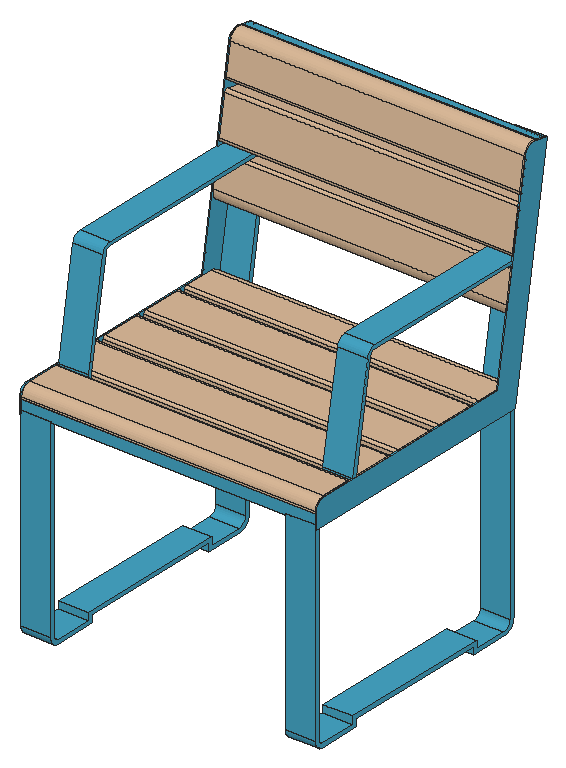
Revit family "product code 61206-S-L", category Meble, Revit 2021
Family settings
  Numer OmniClass = 23.40.20.00
  Tytuł OmniClass = General Furniture and Specialties
  Oparty na płaszczyźnie roboczej = Nie
  Zawsze pionowo = Tak
  Tnij formami wycięć po wczytaniu = Nie
  Współdzielony = Nie
  Punkt obliczania pomieszczeń = Nie
Parameters (values of type "61206-S-L")
  wood = Kobenhagen Wood - Larch
  metal = Kobenhagen RAL 5012
  Width = "58 cm"
  Weight = "35 kg"
  URL = "https://kobenhagen.com/en_US/p/Frederiksberg-Chair-wArmrest/139"
  Size = "I"
  Seat height = "45 cm"
  Product line = "Frederiksberg"
  Product Groups = "Chairs"
  Producent = "Lars Laj"
  Keynote = ""
  Opis = "Frederiksberg Chair w/Armrest"
  Model = "61206-S-L"
  Material = "Larch, stainless steel, powder coated steel"
  Maintenance = "We recommend to examine and tighten all screws and bolt clamps after a few weeks’ use. In order to prevent cracks and to extend the life of the wood, it is recommended that the wood details should be oiled every 3-5 years."
  Lenght = "60 cm"
  Type Comments = ""
  Kobenhagen Materials = "larslaj.com/bim"
  Hosted on larslaj.com = "https://larslaj.com/bim"
  Height = "86 cm"
  Domyślna rzędna = 0 mm
  Copyright = "All designs and drawings are the intellectual property of Lars Laj A/S and are protected by Danish and international copyright laws."
Reference planes
  plane 1 "front": y = 0
  plane 2: z = 0
  plane 3 "Środek (Lewa/Prawa)": x = 0
  plane 4 "left": x = -295.625
  plane 5 "right": x = 295.625
  plane 6 "back": y = 575.242
  plane 7: x = -235.625
Forms (mm)
  Extrusion 1, solid, material "Kobenhagen Wood - Larch" <- "wood"
    sketch origin (0, -0.031, 21.46) x (0, 1, 0) y (0, 0, 1)
      loop
        arc (260.118, 430.04) -> (256.583, 428.576) -> (255.118, 425.04) r 5
        line (255.118, 425.04) -> (255.118, 388.972)
        arc (255.118, 388.972) -> (255.693, 387.586) -> (257.078, 387.012) r 1.96
        line (257.078, 387.012) -> (342.493, 387.012)
        arc (342.493, 387.012) -> (343.908, 387.598) -> (344.493, 389.012) r 2
        line (344.493, 389.012) -> (344.493, 425.04)
        arc (344.493, 425.04) -> (343.029, 428.576) -> (339.493, 430.04) r 5
        line (339.493, 430.04) -> (260.118, 430.04)
    from -295.625 to 295.625
  Extrusion 2, solid, material "Kobenhagen Wood - Larch" <- "wood"
    sketch origin (0, -102.48, 21.46) x (0, 1, 0) y (0, 0, 1)
      loop
        arc (260.118, 430.04) -> (256.583, 428.576) -> (255.118, 425.04) r 5
        line (255.118, 425.04) -> (255.118, 388.972)
        arc (255.118, 388.972) -> (255.693, 387.586) -> (257.078, 387.012) r 1.96
        line (257.078, 387.012) -> (342.493, 387.012)
        arc (342.493, 387.012) -> (343.908, 387.598) -> (344.493, 389.012) r 2
        line (344.493, 389.012) -> (344.493, 425.04)
        arc (344.493, 425.04) -> (343.029, 428.576) -> (339.493, 430.04) r 5
        line (339.493, 430.04) -> (260.118, 430.04)
    from -295.625 to 295.625
  Extrusion 3, solid, material "Kobenhagen Wood - Larch" <- "wood"
    sketch origin (0, 102.52, 23.25) x (0, 1, 0) y (0, 0, 1)
      loop
        arc (260.118, 428.25) -> (256.583, 426.786) -> (255.118, 423.25) r 5
        line (255.118, 423.25) -> (255.118, 387.182)
        arc (255.118, 387.182) -> (255.693, 385.796) -> (257.078, 385.222) r 1.96
        line (257.078, 385.222) -> (342.493, 385.222)
        arc (342.493, 385.222) -> (343.908, 385.808) -> (344.493, 387.222) r 2
        line (344.493, 387.222) -> (344.493, 423.25)
        arc (344.493, 423.25) -> (343.029, 426.786) -> (339.493, 428.25) r 5
        line (339.493, 428.25) -> (260.118, 428.25)
    from -295.625 to 295.625
  Extrusion 4, solid, material "Kobenhagen Wood - Larch" <- "wood"
    sketch origin (0, 925.653, 348.398) x (0, 0.173648, 0.984808) y (0, -0.984808, 0.173648)
      loop
        arc (260.118, 429.703) -> (256.583, 428.239) -> (255.118, 424.703) r 5
        line (255.118, 424.703) -> (255.118, 388.972)
        arc (255.118, 388.972) -> (255.693, 387.586) -> (257.078, 387.012) r 1.96
        line (257.078, 387.012) -> (342.493, 387.012)
        arc (342.493, 387.012) -> (343.908, 387.598) -> (344.493, 389.012) r 2
        line (344.493, 389.012) -> (344.493, 424.703)
        arc (344.493, 424.703) -> (343.029, 428.239) -> (339.493, 429.703) r 5
        line (339.493, 429.703) -> (260.118, 429.703)
    from -295.625 to 295.625
  Extrusion 5, solid, material "Kobenhagen RAL 5012" <- "metal", not visible
    sketch origin (0, 0, 0) x (0, 1, 0) y (0, 0, 1)
      loop
        arc (71.187, 451.5) -> (57.045, 445.642) -> (51.187, 431.5) r 20
        line (51.187, 431.5) -> (51.187, 18.231)
        arc (51.187, 18.231) -> (56.527, 5.34) -> (69.418, 0) r 18.231
        line (69.418, 0) -> (153.638, 0) -> (153.638, 15) -> (448.638, 15) -> (448.638, 0) -> (527.023, 0)
        arc (527.023, 0) -> (542.307, 6.331) -> (548.638, 21.615) r 21.615
        line (548.638, 21.615) -> (548.638, 429.407)
        arc (548.638, 429.407) -> (542.168, 445.029) -> (526.545, 451.5) r 22.093
        line (526.545, 451.5) -> (71.187, 451.5)
    from 750.378 to 745
  Extrusion 6, solid, material "Kobenhagen RAL 5012" <- "metal", not visible
    sketch origin (0, 0, 0) x (0, 1, 0) y (0, 0, 1)
      loop
        line (548.638, 396.844) -> (629.375, 854.725) -> (601.836, 859.581)
        arc (601.836, 859.581) -> (585.224, 855.898) -> (576.082, 841.547) r 22.232
        line (576.082, 841.547) -> (507.306, 451.5) -> (526.545, 451.5)
        arc (526.545, 451.5) -> (542.168, 445.029) -> (548.638, 429.407) r 22.093
        line (548.638, 429.407) -> (548.638, 396.844)
    from 745 to 750.378
  Extrusion 7, solid, material "Kobenhagen RAL 5012" <- "metal"
    sketch origin (449.375, 0, 0) x (0, -1, 0) y (0, 0, 1)
      loop
        line (-549.241, 400.262) -> (-51.187, 400.262) -> (-51.187, 431.5)
        arc (-51.187, 431.5) -> (-57.045, 445.642) -> (-71.187, 451.5) r 20
        line (-71.187, 451.5) -> (-507.306, 451.5) -> (-576.082, 841.547)
        arc (-576.082, 841.547) -> (-585.224, 855.898) -> (-601.836, 859.581) r 22.232
        line (-601.836, 859.581) -> (-629.375, 854.725) -> (-549.241, 400.262)
    from 745 to 747.505
  Extrusion 8, solid, material "Kobenhagen RAL 5012" <- "metal"
    sketch origin (0, 0, 0) x (0, 1, 0) y (0, 0, 1)
      loop
        line (548.638, 396.844) -> (629.375, 854.725) -> (621.989, 856.027) -> (543.073, 408.472) -> (51.187, 408.472) -> (51.187, 18.763)
        arc (51.187, 18.763) -> (56.683, 5.495) -> (69.95, 0) r 18.763
        line (69.95, 0) -> (153.638, 0) -> (153.638, 15) -> (448.638, 15) -> (448.638, 0) -> (525.342, 0)
        arc (525.342, 0) -> (541.815, 6.823) -> (548.638, 23.296) r 23.296
        line (548.638, 23.296) -> (548.638, 396.844)
      loop
        line (58.687, 400.262) -> (58.687, 18.763)
        arc (58.687, 18.763) -> (61.986, 10.799) -> (69.95, 7.5) r 11.263
        line (69.95, 7.5) -> (146.138, 7.5) -> (146.138, 22.5) -> (456.138, 22.5) -> (456.138, 7.5) -> (525.342, 7.5)
        arc (525.342, 7.5) -> (536.512, 12.127) -> (541.138, 23.296) r 15.796
        line (541.138, 23.296) -> (541.138, 400.262) -> (58.687, 400.262)
    from -295.625 to -235.625
  Extrusion 9, solid, material "Kobenhagen RAL 5012" <- "metal"
    sketch origin (0, 0, 0) x (0, 1, 0) y (0, 0, -1)
      loop
        line (548.638, -396.844) -> (548.638, -23.296)
        arc (548.638, -23.296) -> (541.815, -6.823) -> (525.342, 0) r 23.296
        line (525.342, 0) -> (448.638, 0) -> (448.638, -15) -> (153.638, -15) -> (153.638, 0) -> (69.95, 0)
        arc (69.95, 0) -> (56.683, -5.495) -> (51.187, -18.763) r 18.763
        line (51.187, -18.763) -> (51.187, -408.472) -> (543.073, -408.472) -> (621.989, -856.027) -> (629.375, -854.725) -> (548.638, -396.844)
      loop
        line (58.687, -400.262) -> (541.138, -400.262) -> (541.138, -23.296)
        arc (541.138, -23.296) -> (536.512, -12.127) -> (525.342, -7.5) r 15.796
        line (525.342, -7.5) -> (456.138, -7.5) -> (456.138, -22.5) -> (146.138, -22.5) -> (146.138, -7.5) -> (69.95, -7.5)
        arc (69.95, -7.5) -> (61.986, -10.799) -> (58.687, -18.763) r 11.263
        line (58.687, -18.763) -> (58.687, -400.262)
    from -295.625 to -235.625
  Extrusion 10, solid, material "Kobenhagen RAL 5012" <- "metal"
    sketch origin (0, 0, 0) x (0, 1, 0) y (0, 0, 1)
      loop
        arc (201.286, 666.675) -> (188.672, 662.542) -> (181.888, 651.132) r 18.898
        line (181.888, 651.132) -> (145.796, 450) -> (145.796, 407) -> (151.796, 407) -> (151.888, 450) -> (187.77, 649.936)
        arc (187.77, 649.936) -> (192.655, 657.664) -> (201.286, 660.675) r 13.876
        line (201.286, 660.675) -> (587.524, 660.675) -> (588.541, 666.675) -> (201.286, 666.675)
    from 235.625 to 295.625
  Extrusion 11, solid, material "Kobenhagen RAL 5012" <- "metal"
    sketch origin (0, 0, 0) x (0, 1, 0) y (0, 0, -1)
      loop
        line (201.286, -666.675) -> (588.541, -666.675) -> (587.524, -660.675) -> (201.286, -660.675)
        arc (201.286, -660.675) -> (192.655, -657.664) -> (187.77, -649.936) r 13.876
        line (187.77, -649.936) -> (151.888, -450) -> (151.796, -407) -> (145.796, -407) -> (145.796, -450) -> (181.888, -651.132)
        arc (181.888, -651.132) -> (188.672, -662.542) -> (201.286, -666.675) r 18.898
    from 235.625 to 295.625
  Extrusion 12, solid, material "Kobenhagen Wood - Larch" <- "wood"
    sketch origin (0, -204.479, 21.978) x (0, 1, 0) y (0, 0, 1)
      loop
        arc (275.801, 429.522) -> (261.616, 423.646) -> (255.74, 409.461) r 20.061
        line (255.74, 409.461) -> (255.74, 406.628) -> (259.047, 406.628) -> (259.047, 386.494) -> (343.118, 386.494)
        arc (343.118, 386.494) -> (344.532, 387.079) -> (345.117, 388.493) r 1.999
        line (345.117, 388.493) -> (345.117, 424.524)
        arc (345.117, 424.524) -> (343.653, 428.058) -> (340.119, 429.522) r 4.998
        line (340.119, 429.522) -> (275.801, 429.522)
    from -295.625 to 295.625
  Extrusion 13, solid, material "Kobenhagen RAL 5012" <- "metal"
    sketch origin (0, 511.395, 1359.694) x (0, -0.983564, -0.180562) y (0, 0.180562, -0.983564)
      loop
        line (624.848, 855.34) -> (604.709, 859.052) -> (604.207, 856.208) -> (621.46, 853.027) -> (617.965, 833.203) -> (620.676, 832.703) -> (624.848, 855.34)
    from -295.625 to 295.625
  Extrusion 14, solid, material "Kobenhagen Wood - Larch" <- "wood"
    sketch origin (0, 943.578, 451.03) x (0, 0.173648, 0.984808) y (0, -0.984808, 0.173648)
      loop
        arc (260.118, 430.036) -> (256.583, 428.571) -> (255.118, 425.036) r 5
        line (255.118, 425.036) -> (255.118, 389.305)
        arc (255.118, 389.305) -> (255.693, 387.919) -> (257.078, 387.345) r 1.96
        line (257.078, 387.345) -> (340.844, 387.345) -> (341.15, 404.888) -> (343.753, 404.888)
        arc (343.753, 404.888) -> (338.433, 422.457) -> (321.714, 430.036) r 22.231
        line (321.714, 430.036) -> (260.118, 430.036)
    from -295.625 to 295.625
  Extrusion 15, solid, material "Kobenhagen RAL 5012" <- "metal"
    sketch origin (0, -0.146, 0.985) x (0, 1, 0) y (0, 0, 1)
      loop
        line (624.848, 855.34) -> (604.709, 859.052) -> (604.207, 856.208) -> (621.46, 853.027) -> (618.538, 836.456) -> (621.274, 835.952) -> (624.848, 855.34)
    from -295.625 to 295.625
  Extrusion 16, solid, material "Kobenhagen Wood - Larch" <- "wood"
    sketch origin (0, 1011.44, 836.836) x (0, -0.173648, -0.984808) y (0, 0.984808, -0.173648)
      loop
        line (260.118, -430.036) -> (321.714, -430.036)
        arc (321.714, -430.036) -> (338.433, -422.457) -> (343.753, -404.888) r 22.231
        line (343.753, -404.888) -> (341.15, -404.888) -> (340.844, -387.345) -> (257.078, -387.345)
        arc (257.078, -387.345) -> (255.693, -387.919) -> (255.118, -389.305) r 1.96
        line (255.118, -389.305) -> (255.118, -425.036)
        arc (255.118, -425.036) -> (256.583, -428.571) -> (260.118, -430.036) r 5
    from -295.625 to 295.625
  Extrusion 17, solid, material "Kobenhagen RAL 5012" <- "metal"
    sketch origin (0, 278.555, 1582.513) x (0, 0.939693, -0.34202) y (0, 0.34202, 0.939693)
      loop
        line (624.848, -855.34) -> (621.274, -835.952) -> (618.538, -836.456) -> (621.46, -853.027) -> (604.207, -856.208) -> (604.709, -859.052) -> (624.848, -855.34)
    from -295.625 to 295.625
  Extrusion 18, solid, material "Kobenhagen Wood - Larch" <- "wood"
    sketch origin (0, 804.603, 21.573) x (0, -1, 0) y (0, 0, -1)
      loop
        line (276.292, -429.927) -> (340.119, -429.927)
        arc (340.119, -429.927) -> (343.653, -428.463) -> (345.117, -424.929) r 4.998
        line (345.117, -424.929) -> (345.117, -388.898)
        arc (345.117, -388.898) -> (344.532, -387.484) -> (343.118, -386.898) r 1.999
        line (343.118, -386.898) -> (259.243, -386.898) -> (259.243, -405.971) -> (256.231, -405.971) -> (256.231, -409.865)
        arc (256.231, -409.865) -> (262.106, -424.051) -> (276.292, -429.927) r 20.061
    from -295.625 to 295.625
  Extrusion 19, solid, material "Kobenhagen RAL 5012" <- "metal"
    sketch origin (0, 88.064, 1359.646) x (0, 0.983564, -0.180562) y (0, 0.180562, 0.983564)
      loop
        line (625.026, -855.307) -> (621.037, -833.668) -> (618.141, -834.202) -> (621.46, -853.027) -> (604.207, -856.208) -> (604.709, -859.052) -> (625.026, -855.307)
    from -295.625 to 295.625
  Extrusion 20, solid, material "Kobenhagen RAL 5012" <- "metal"
    sketch origin (-449.375, 0, 0) x (0, -1, 0) y (0, 0, -1)
      loop
        line (-549.241, -400.262) -> (-629.375, -854.725) -> (-601.836, -859.581)
        arc (-601.836, -859.581) -> (-585.224, -855.898) -> (-576.082, -841.547) r 22.232
        line (-576.082, -841.547) -> (-507.306, -451.5) -> (-71.187, -451.5)
        arc (-71.187, -451.5) -> (-57.045, -445.642) -> (-51.187, -431.5) r 20
        line (-51.187, -431.5) -> (-51.187, -400.262) -> (-549.241, -400.262)
    from 745 to 747.505
Lines and regions (mm)
  model lines, style "9"
    curve 1: line (-315.53, -352.467, 0) -> (-315.53, -346.467, 0)
    curve 2: line (-315.53, -652.467, 0) -> (-315.53, -658.467, 0)
    curve 3: line (328.514, 452.546, 0) -> (328.514, 458.546, 0)
    curve 4: line (328.514, 152.546, 0) -> (328.514, 146.546, 0)
Dimensions and locks
  Extrusion 1 sketch curve to Extrusion 1 sketch curve = 89.375 mm
  Extrusion 1 sketch curve to Extrusion 1 sketch curve = 43.028 mm
  Extrusion 2 sketch curve to Extrusion 2 sketch curve = 89.375 mm
  Extrusion 2 sketch curve to Extrusion 2 sketch curve = 43.028 mm
  Extrusion 3 sketch curve to Extrusion 3 sketch curve = 89.375 mm
  Extrusion 3 sketch curve to Extrusion 3 sketch curve = 43.028 mm
  Extrusion 4 sketch curve to Extrusion 4 sketch curve = 89.375 mm
  Extrusion 4 sketch curve to Extrusion 4 sketch curve = 42.691 mm
  Extrusion 12 sketch curve to Extrusion 12 sketch curve = 43.028 mm
  Extrusion 14 sketch curve to Extrusion 14 sketch curve = 42.691 mm
  Extrusion 16 sketch curve to Extrusion 16 sketch curve = 42.691 mm
  Extrusion 18 sketch curve to Extrusion 18 sketch curve = 43.028 mm
  aligned and locked: level to plane 2
  aligned and locked: plane 5 "right" to Extrusion 1
  aligned and locked: Extrusion 1 to plane 4 "left"
  aligned and locked: plane 5 "right" to Extrusion 3
  aligned and locked: plane 5 "right" to Extrusion 2
  aligned and locked: plane 5 "right" to Extrusion 4
  aligned and locked: Extrusion 4 to plane 4 "left"
  aligned and locked: Extrusion 3 to plane 4 "left"
  aligned and locked: Extrusion 2 to plane 4 "left"
  aligned and locked: Extrusion 8 to plane 4 "left"
  aligned and locked: plane 7 to Extrusion 8
